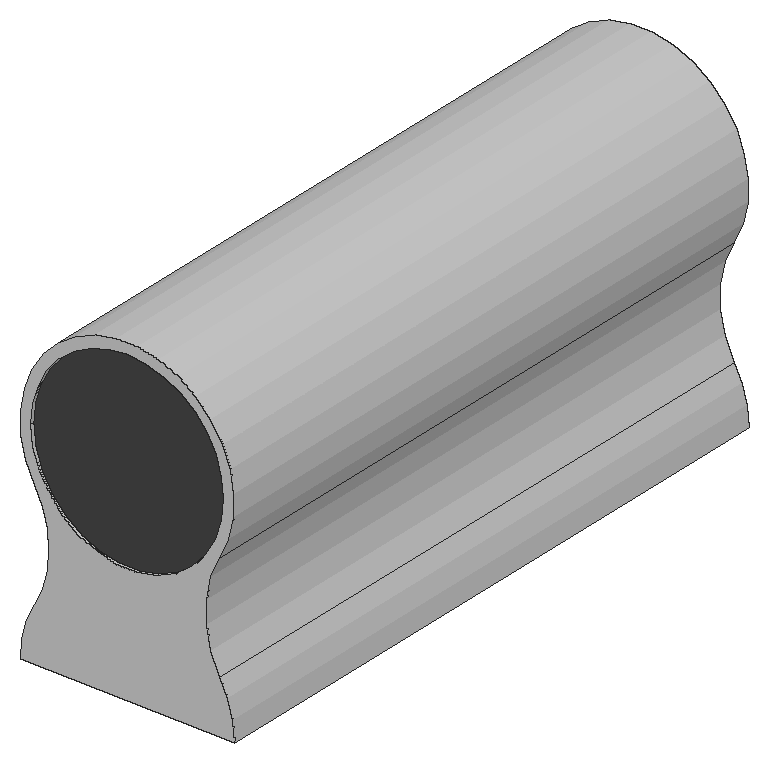
Revit family "Intono 3.9", category Lighting Fixtures, host Face, Revit 2017
Family settings
  Host = Face
  Round Connector Dimension = Use Diameter
  Part Type = Normal
  Cut with Voids When Loaded = Yes
  Light Source = Yes
  Shared = No
  Room Calculation Point = Yes
Parameters (values of type "Intono 3.9 A (3000K 9W 24Vdc)")
  Wiring = "parallel"
  Width mm = 121 mm
  Weight kg = "2.24 kg"
  Wattage = 5.53379 W
  built-in parameter 1150110 = 1 (stored number, unit not read)
  Voltage = 24 V
  URL Accessories and power supply units = "https://www.lucelight.it/en/prodotto.php/122305#a-scheda-accessori"
  URL = "https://www.lucelight.it/en/prodotto.php/122305"
  built-in parameter 1114217 = 1 (stored number, unit not read)
  Tiltable = "-"
  URL Technical sheet = "https://www.lucelight.it/media/prodotti/st/ST_INTONO_39.pdf"
  URL Image = "https://www.lucelight.it/media/prodotti/foto/intono_3.9_still.jpg"
  URL IES Photometric file = "https://www.lucelight.it/media/prodotti/fotometrie/intono_3.9_ies.zip"
  URL General code = "https://www.lucelight.it/en/prodotto.php/122305#a-generacodice"
  URL Description = "https://www.lucelight.it/en/capitolato.php/122305"
  URL DXF = "https://www.lucelight.it/media/prodotti/dxf/intono_3.9.dxf"
  URL Catalogue = "http://www.lucelight.it/media/documenti/LL_Brochure_Intono.pdf"
  Tilt Angle = 180.00°
  built-in parameter 1150109 = 1 (stored number, unit not read)
  built-in parameter 1150134 = (empty or 0)
  built-in parameter 1150113 = 1 (stored number, unit not read)
  Screen = L&L_Black-serigraphed
  Power supply unit = "built in"
  Power supply = "24Vdc"
  Power cables = "-"
  Power = "9W"
  Photometric Web File = "INTONO 3.9 A [3000K 9W 24Vdc].IES"
  Optics = "asymmetrical"
  Notes = "version compatible with Google Home or Amazon Echo available on request for voice command control"
  No. and type of led = "1 high power density COB LED, 2-step MacAdam, 50 000h L95 B10 (Ta 25°C)"
  Mounting = "surface mounted (wall)"
  Model = "Intono 3.9"
  Material = "body in die-cast aluminium, screen in black-serigraphed, tempered, transparent extra-clear glass"
  Manufacturer = "L&L Luce&Light"
  built-in parameter 1150105 = 65.413 (stored number, unit not read)
  Lumens = 822 lm
  built-in parameter 1150115 = 1 (stored number, unit not read)
  Lumen output at source = "988 lm (3000K, CRI 80), 822 lm (3000K, CRI 90)"
  built-in parameter 1150137 = (empty or 0)
  built-in parameter 1150139 = (empty or 0)
  Lens = L&L_Tempered extra-clear glass
  Length mm = 80 mm
  built-in parameter 1150112 = 1 (stored number, unit not read)
  built-in parameter 1150114 = 1 (stored number, unit not read)
  LED Colour = "3000K (also available: 2700K and 4000K - ref. URL Technical sheet)"
  built-in parameter 1150132 = 2
  built-in parameter 1150102 = (empty or 0)
  built-in parameter 1150107 = 3000 (stored number, unit not read)
  built-in parameter 1150138 = (empty or 0)
  built-in parameter 1150106 = 0.65413 (stored number, unit not read)
  IP = "IP65"
  Height mm = 240 mm
  Features = "-"
  Energy efficiency class = "A A+ A++"
  Emit from Line Length = 609.6 mm
  built-in parameter 1150104 = 13.8 (stored number, unit not read)
  Dimming Lamp Color Temperature Shift = <None>
  Description = "Wall mounted for outdoor applications"
  Delivered lumen output = "837 lm (3000K, 15°, CRI 80), 696 lm (3000K, 15°, CRI 90)"
  Default Elevation = 1219.2 mm
  Cutout dimensions = "-"
  Control system = "-"
  Contact = "T: +39 0444 360571; E: lucelight@lucelight.it"
  Company = "L&L Luce&Light"
  Color Filter = 16777215
  Code = "-"
  CRI = "90 (also available: CRI 80 - ref. URL Technical sheet)"
  Body = L&L_Die-cast aluminium
  built-in parameter 1114218 = 1 (stored number, unit not read)
  built-in parameter 1150133 = 10 (stored number, unit not read)
  Apparent Load Phase 1 = 9 W
  Apparent Load = 0 VA
Types (6, lengths in mm): name | Photometric Web File | Optics
  Intono 3.9 A (3000K 9W 24Vdc) | "INTONO 3.9 A [3000K 9W 24Vdc].IES" | "asymmetrical"
  Intono 3.9 L 43° (3000K 9W 24Vdc) | "INTONO 3.9 L 43° [3000K 9W 24Vdc].IES" | "43°"
  Intono 3.9 M 20° (3000K 9W 24Vdc) | "INTONO 3.9 M 20° [3000K 9W 24Vdc].IES" | "20°"
  Intono 3.9 S 15° (3000K 9W 24Vdc) | "INTONO 3.9 S 15° [3000K 9W 24Vdc].IES" | "15°"
  Intono 3.9 W (3000K 9W 24Vdc) | "INTONO 3.9 W [3000K 9W 24Vdc].IES" | "wall grazing"
  Intono 3.9 Z 11° (3000K 9W 24Vdc) | "INTONO 3.9 Z 11° [3000K 9W 24Vdc].IES" | "asymmetrical 11°"
Reference planes
  plane 1 "Center (Front/Back)": y = 0
  plane 2: z = 0
  plane 3 "Center (Left/Right)": x = 0
Forms (mm)
  Extrusion 1, solid, material "L&L_Die-cast aluminium" <- "Body", detail levels coarse
    sketch origin (0, 120, 0.3) x (1, 0, 0) y (0, 0, 1)
      loop
        line (-40, 120.7) -> (-40, -0.3) -> (40, -0.3) -> (40, 120.7) -> (-40, 120.7)
    from 0 to 240
  Extrusion 2, solid, material "L&L_Die-cast aluminium" <- "Body", detail levels fine
    sketch origin (0, 120, 0.3) x (1, 0, 0) y (0, 0, 1)
      loop
        arc (-34.641, 60.7) -> (-29.282, 40.7) -> (-34.641, 20.7) r 40
        arc (-34.641, 20.7) -> (-38.637, 11.053) -> (-40, 0.7) r 40
        line (-40, 0.7) -> (40, 0.7)
        arc (40, 0.7) -> (38.637, 11.053) -> (34.641, 20.7) r 40
        arc (34.641, 20.7) -> (29.282, 40.7) -> (34.641, 60.7) r 40
        arc (34.641, 60.7) -> (0, 120.7) -> (-34.641, 60.7) r 40
    from 0 to 240
  Extrusion 3, void
    sketch origin (0, 0, 24.8) x (1, 0, 0) y (0, 0, 1)
      loop
        circle (0, 56.2) r 36
    from -120 to -116.65
  Extrusion 4, solid, material "L&L_Die-cast aluminium" <- "Body", detail levels medium
    sketch origin (0, 120, 0.3) x (1, 0, 0) y (0, 0, 1)
      loop
        arc (-34.641, 60.7) -> (-29.282, 40.7) -> (-34.641, 20.7) r 40
        arc (-34.641, 20.7) -> (-38.637, 11.053) -> (-40, 0.7) r 40
        line (-40, 0.7) -> (40, 0.7)
        arc (40, 0.7) -> (38.637, 11.053) -> (34.641, 20.7) r 40
        arc (34.641, 20.7) -> (29.282, 40.7) -> (34.641, 60.7) r 40
        arc (34.641, 60.7) -> (0, 120.7) -> (-34.641, 60.7) r 40
    from 0 to 240
  Extrusion 5, solid, detail levels medium+fine
    sketch origin (0, 0, 0) x (1, 0, 0) y (0, 1, 0)
      loop
        arc (37, 50) -> (0, 87) -> (-37, 50) r 37
        line (-37, 50) -> (-37, -50)
        arc (-37, -50) -> (0, -87) -> (37, -50) r 37
        line (37, -50) -> (37, 50)
    from 0 to 1
  Extrusion 6, solid, material "L&L_Tempered extra-clear glass" <- "Lens", detail levels fine
    sketch origin (0, 0, 24.5) x (1, 0, 0) y (0, 0, 1)
      loop
        circle (0, 56.5) r 35
    from -117.7 to -116.65
  Extrusion 7, solid, material "L&L_Black-serigraphed" <- "Screen", detail levels fine
    sketch origin (0, 0, 24.5) x (1, 0, 0) y (0, 0, 1)
      loop
        circle (0, 56.5) r 36
      loop
        circle (0, 56.5) r 35
    from -117.7 to -116.65
  Extrusion 8, void
    sketch origin (0, 0, 0) x (1, 0, 0) y (0, 0, 1)
      loop
        circle (0, 81) r 36
    from 116.846 to 141.286
  Extrusion 9, solid, material "L&L_Black-serigraphed" <- "Screen", detail levels fine
    sketch origin (0, -235.65, 24.5) x (1, 0, 0) y (0, 0, 1)
      loop
        circle (0, 56.5) r 36
    from -117.7 to -116.65
Cuts and joins
  Extrusion 3, Extrusion 8 cuts Extrusion 2
Dimensions and locks
  aligned and locked: plane 2 to host face
  aligned and locked: level to host face
Connectors
  electrical at (0, 0, 0), driven by "Apparent Load Phase 1", driven by "Voltage"
    settings: index 1, voltage 24 V, apparent load 0 VA, apparent load phase1 9 VA, apparent load phase2 0 VA, apparent load phase3 0 VA, power factor 1, load classification "Lighting", number of poles 1, system type 31, power factor state 1, is connector primary yes, connector utility no, sub classification motor no, connector description ""
